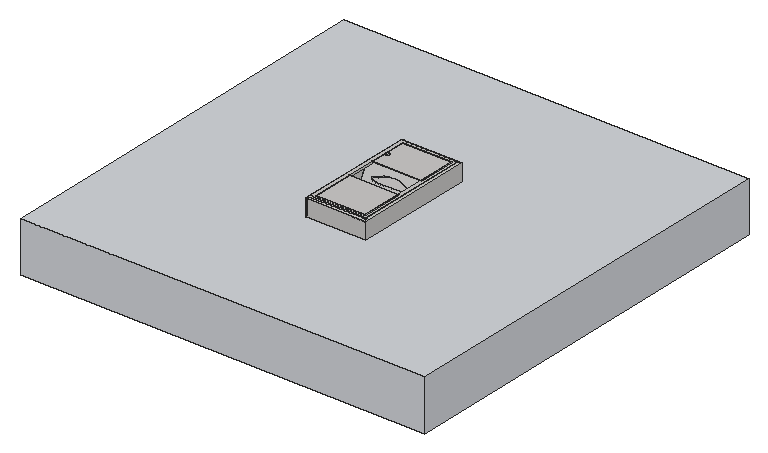
Revit family
Parameters (values of type "B-3699")
  URL = "http://www.bobrick.com"
  Type Comments = "Satin Finish"
  Model = "B-3699 ClassicSeries"
  Manufacturer = "Bobrick Washroom Equipment, Inc."
  Finish Material = Stainless Steel - Bobrick - Satin
  Description = "Surface-Mounted Paper Towel Dispenser And Waste Receptacle"
  Default Elevation = 4' - 0"
  Assembly Code = "C1030200"
  ADA Compliant = yes
Reference planes (in)
  plane 1 "Center (Front/Back)": y = -0.15625
  plane 2: z = 0
  plane 3 "Center (Left/Right)": x = 0
  plane 4 "Top": y = 14
  plane 5 "Bottom": y = -14.3125
  plane 6 "Left": x = -7.125
  plane 7 "Right": x = 7.125
  plane 8: x = 5.875
  plane 9: x = -5.875
  plane 10: y = -13.0625
  plane 11: y = 12.75
  plane 12: y = -3.0625
  plane 13: y = 3.6875
  plane 14: x = -5.3125
  plane 15: y = 7.5625
  plane 16: z = 3.875
  plane 17: y = 1.3125
  plane 18: z = 4.25
  plane 19 "Elevation": y = 2.5625
  plane 20: x = -6.6875
  plane 21: x = 6.6875
  plane 22: y = -13.875
  plane 23: y = 13.5625
  plane 24: z = 0.0625
  plane 25: z = 4.375
Forms (in)
  Extrusion 1, solid
    sketch origin (0, 0, 0) x (1, 0, 0) y (0, 1, 0)
      loop
        line (-48, 48) -> (-48, -48) -> (48, -48) -> (48, 48) -> (-48, 48)
    from 0 to -12
  Extrusion 2, solid, material "Stainless Steel - Bobrick - Satin" <- "Finish Material"
    sketch origin (0, 0, 0) x (1, 0, 0) y (0, 1, 0)
      loop
        line (-7.125, 14) -> (-7.125, -14.3125) -> (7.125, -14.3125) -> (7.125, 14) -> (-7.125, 14)
      loop
        line (-7.0625, 13.9375) -> (-7.0625, -14.25) -> (7.0625, -14.25) -> (7.0625, 13.9375) -> (-7.0625, 13.9375)
    from 0 to 3.875
  Extrusion 3, solid, material "Stainless Steel - Bobrick - Satin" <- "Finish Material"
    sketch origin (0, 0, 0) x (1, 0, 0) y (0, 1, 0)
      loop
        line (-7.125, 14) -> (-7.125, -14.3125) -> (7.125, -14.3125) -> (7.125, 14) -> (-7.125, 14)
    from 0 to 0.0625
  Sweep 4, solid, material "Stainless Steel - Bobrick - Satin" <- "Finish Material"
    path origin (0, 0, 0) x (1, 0, 0) y (0, 1, 0)
      loop
        line (-5.875, 12.75) -> (-5.875, -13.0625) -> (5.875, -13.0625) -> (5.875, 12.75) -> (-5.875, 12.75)
    profile origin (0, 12.75, 0) x (0, 1, 0) y (0, 0, 1)
      loop
        line (0, 3.875) -> (1.25, 3.875) -> (0.8691786, 4.2178931)
        arc (0.8691786, 4.2178931) -> (0.8303333, 4.2416976) -> (0.7855373, 4.25) r 0.125
        line (0.7855373, 4.25) -> (0, 4.25) -> (0, 3.875)
  Extrusion 5, solid, material "Stainless Steel - Bobrick - Satin" <- "Finish Material"
    sketch origin (0, 0, 0) x (1, 0, 0) y (0, 1, 0)
      loop
        line (-5.875, 12.75) -> (-5.875, 3.6875) -> (5.875, 3.6875) -> (5.875, 12.75) -> (-5.875, 12.75)
    from 3.875 to 4.25
  Extrusion 6, solid, material "Stainless Steel - Bobrick - Satin" <- "Finish Material"
    sketch origin (0, 0, 0) x (1, 0, 0) y (0, 1, 0)
      loop
        line (-5.875, -13.0625) -> (5.875, -13.0625) -> (5.875, -3.0625) -> (-5.875, -3.0625) -> (-5.875, -13.0625)
    from 3.875 to 4.25
  Extrusion 7, solid, material "Stainless Steel - Bobrick - Satin" <- "Finish Material"
    sketch origin (-7.125, 12.75, 0) x (0, 1, 0) y (0, 0, -1)
      loop
        line (-9.0625, -4.25) -> (-9.0625, -3.875) -> (-11.2248134, -0.0625) -> (-11.4375, -0.0625) -> (-9.0625, -4.25)
    from -13 to -1.25
  Extrusion 8, solid, material "Stainless Steel - Bobrick - Satin" <- "Finish Material", detail levels fine
    sketch origin (0, 0, 4.25) x (1, 0, 0) y (0, 1, 0)
      loop
        circle (-5.3125, 7.5625) r 0.375
    from 0 to 0.125
  Extrusion 9, solid, material "Stainless Steel - Bobrick - Satin" <- "Finish Material"
    sketch origin (-7.9793355, 12.75, 0) x (0, 1, 0) y (0, 0, -1)
      loop
        line (-11.4375, -0.0625) -> (-9.2751866, -3.875) -> (-9.0625, -3.875) -> (-11.2248134, -0.0625) -> (-11.4375, -0.0625)
    from -2.1043355 to -0.9168355
  Extrusion 10, solid, material "Stainless Steel - Bobrick - Satin" <- "Finish Material"
    sketch origin (2.0206645, 12.75, 0) x (0, 1, 0) y (0, 0, -1)
      loop
        line (-11.4375, -0.0625) -> (-9.2751866, -3.875) -> (-9.0625, -3.875) -> (-11.2248134, -0.0625) -> (-11.4375, -0.0625)
    from -5.0418355 to -3.8543355
  Extrusion 11, void
    sketch origin (-7.125, 3.6875, 4.25) x (0, 0.49334, 0.869837) y (1, 0, 0)
      loop
        spline (-3.375, 3.5625) -> (-3.3579629, 3.2389762) -> (-3.3080127, 2.9375) -> (-3.2285534, 2.6786165) -> (-3.125, 2.4799682) -> (-3.0044095, 2.3550927) -> (-2.875, 2.3125) -> (-2.7455905, 2.3550927) -> (-2.625, 2.4799682) -> (-2.5214466, 2.6786165) -> (-2.4419873, 2.9375) -> (-2.3920371, 3.2389762) -> (-2.375, 3.5625)
        arc (-2.375, 3.5625) -> (-1.375, 7.125) -> (-2.375, 10.6875) r 6.8457031
        spline (-2.375, 10.6875) -> (-2.3920371, 11.0110238) -> (-2.4419873, 11.3125) -> (-2.5214466, 11.5713835) -> (-2.625, 11.7700318) -> (-2.7455905, 11.8949073) -> (-2.875, 11.9375) -> (-3.0044095, 11.8949073) -> (-3.125, 11.7700318) -> (-3.2285534, 11.5713835) -> (-3.3080127, 11.3125) -> (-3.3579629, 11.0110238) -> (-3.375, 10.6875)
        line (-3.375, 10.6875) -> (-3.375, 3.5625)
    from 0 to 0.1850025
Cuts and joins
  Extrusion 11 cuts Extrusion 2
  Extrusion 11 cuts Extrusion 3
  Extrusion 11 cuts Extrusion 7
  Extrusion 11 cuts Extrusion 9
  Extrusion 11 cuts Extrusion 10
  joined: Extrusion 2, Extrusion 3, Extrusion 7, Extrusion 9, Extrusion 10
Lines and regions (in)
  Masking region 1
    outline origin (0, 0, 0.3125) x (1, 0, 0) y (0, 1, 0)
      loop
        line (-7.125, 14) -> (-7.125, -14.3125) -> (7.125, -14.3125) -> (7.125, 14) -> (-7.125, 14)
  Masking region 2
    outline origin (7.0583023, -14.3125, 0) x (-1, 0, 0) y (0, 0, -1)
      loop
        line (14.1833023, -3.875) -> (14.1833023, 0) -> (-0.0666977, 0) -> (-0.0666977, -3.875) -> (0.3154267, -4.2190663)
        spline (0.3154267, -4.2190663) -> (0.3214687, -4.2239036) -> (0.3276679, -4.228353) -> (0.3340119, -4.2324055) -> (0.3404882, -4.2360532) -> (0.3470841, -4.2392889) -> (0.3537865, -4.2421063) -> (0.3605821, -4.2444996) -> (0.3674576, -4.2464643) -> (0.3743994, -4.2479964) -> (0.3813937, -4.249093) -> (0.3884268, -4.2497518) -> (0.3954848, -4.2499715)
        line (0.3954848, -4.2499715) -> (13.7188396, -4.25)
        arc (13.7188396, -4.25) -> (13.7636356, -4.2416976) -> (13.8024809, -4.2178931) r 0.125
        line (13.8024809, -4.2178931) -> (14.1833023, -3.875)
  Masking region 3, detail levels fine
    outline origin (-7.125, -14.3125, 0) x (0, 0, -1) y (1, 0, 0)
      loop
        line (-4.375, 1.4375) -> (-4.25, 1.4375) -> (-4.25, 2.1875) -> (-4.375, 2.1875) -> (-4.375, 1.4375)
  Masking region 4
    outline origin (-7.125, 12.75, 0) x (0, 1, 0) y (0, 0, -1)
      loop
        line (1.25, -3.875) -> (1.25, 0) -> (-27.0625, 0) -> (-27.0625, -3.875) -> (-26.6816786, -4.2178931)
        arc (-26.6816786, -4.2178931) -> (-26.6428333, -4.2416976) -> (-26.5980373, -4.25) r 0.125
        line (-26.5980373, -4.25) -> (0.7855373, -4.25)
        spline (0.7855373, -4.25) -> (0.7926969, -4.2498608) -> (0.7998562, -4.2493046) -> (0.807002, -4.2482813) -> (0.8141192, -4.2467929) -> (0.8211928, -4.2448427) -> (0.828208, -4.2424347) -> (0.8351499, -4.2395739) -> (0.842004, -4.2362665) -> (0.8487558, -4.2325194) -> (0.8553912, -4.2283404) -> (0.8618961, -4.2237384) -> (0.8682568, -4.2187231)
        line (0.8682568, -4.2187231) -> (1.25, -3.875)
  Masking region 5, detail levels fine
    outline origin (-7.125, 14, 0) x (0, -1, 0) y (0, 0, 1)
      loop
        line (6.0625, 4.375) -> (6.0625, 4.25) -> (6.8125, 4.25) -> (6.8125, 4.375) -> (6.0625, 4.375)
  symbolic lines, style "Restroom Accessories"
    curve 1: line (-5.875, 12.75, 0.3125) -> (5.875, 12.75, 0.3125)
    curve 2: line (-5.875, -13.0625, 0.3125) -> (-5.875, 12.75, 0.3125)
    curve 3: line (5.875, 3.6875, 0.3125) -> (-5.875, 3.6875, 0.3125)
    curve 4: line (5.875, 12.75, 0.3125) -> (5.875, -13.0625, 0.3125)
    curve 5: line (-5.875, -13.0625, 0.3125) -> (5.875, -13.0625, 0.3125)
    curve 6: line (-5.875, -3.0625, 0.3125) -> (5.875, -3.0625, 0.3125)
  symbolic lines, style "Restroom Accessories", detail levels medium+fine
    curve 7: line (-5.875, 1.3125, 0.3125) -> (5.875, 1.3125, 0.3125)
    curve 15: line (7.125, -14.3125, 3.875) -> (-7.125, -14.3125, 3.875)
    curve 16: line (-7.125, -14.3125, 3.875) -> (-7.125, 14, 3.875)
  symbolic lines, style "Restroom Accessories", detail levels fine
    curve 8: arc (-4.9375, 7.5625, 4.375) -> (-5.3125, 7.9375, 4.375) -> (-5.6875, 7.5625, 4.375) r 0.375
    curve 9: arc (-5.6875, 7.5625, 4.375) -> (-5.3125, 7.1875, 4.375) -> (-4.9375, 7.5625, 4.375) r 0.375
    curve 10: spline (-5.3125, 7.3125, 4.375) -> (-5.300104, 7.3210185, 4.375) -> (-5.2885527, 7.3459936, 4.375) -> (-5.2786334, 7.3857233, 4.375) -> (-5.2710221, 7.4375, 4.375) -> (-5.2662374, 7.4977952, 4.375) -> (-5.2646054, 7.5625, 4.375) -> (-5.2662374, 7.6272048, 4.375) -> (-5.2710221, 7.6875, 4.375) -> (-5.2786334, 7.7392767, 4.375) -> (-5.2885527, 7.7790064, 4.375) -> (-5.300104, 7.8039815, 4.375) -> (-5.3125, 7.8125, 4.375) -> (-5.324896, 7.8039815, 4.375) -> (-5.3364473, 7.7790064, 4.375) -> (-5.3463666, 7.7392767, 4.375) -> (-5.3539779, 7.6875, 4.375) -> (-5.3587626, 7.6272048, 4.375) -> (-5.3603946, 7.5625, 4.375) -> (-5.3587626, 7.4977952, 4.375) -> (-5.3539779, 7.4375, 4.375) -> (-5.3463666, 7.3857233, 4.375) -> (-5.3364473, 7.3459936, 4.375) -> (-5.324896, 7.3210185, 4.375) -> (-5.3125, 7.3125, 4.375)
    curve 11: spline (-3.5625, 2.5158172, 4.375) -> (-3.0151839, 2.6639257, 4.375) -> (-2.4427957, 2.7868219, 4.375) -> (-1.850095, 2.8834841, 4.375) -> (-1.2420102, 2.9531084, 4.375) -> (-0.6235978, 2.9951159, 4.375) -> (0, 3.0091574, 4.375) -> (0.6235978, 2.9951159, 4.375) -> (1.2420102, 2.9531084, 4.375) -> (1.850095, 2.8834841, 4.375) -> (2.4427957, 2.7868219, 4.375) -> (3.0151839, 2.6639257, 4.375) -> (3.5625, 2.5158172, 4.375)
    curve 12: spline (3.5625, 2.5158172, 4.375) -> (3.8860238, 2.5074122, 4.375) -> (4.1875, 2.4827697, 4.375) -> (4.4463835, 2.4435693, 4.375) -> (4.6450318, 2.3924822, 4.375) -> (4.7699073, 2.3329901, 4.375) -> (4.8125, 2.2691472, 4.375) -> (4.7699073, 2.2053043, 4.375) -> (4.6450318, 2.1458122, 4.375) -> (4.4463835, 2.0947251, 4.375) -> (4.1875, 2.0555247, 4.375) -> (3.8860238, 2.0308822, 4.375) -> (3.5625, 2.0224771, 4.375)
    curve 13: line (3.5625, 2.0224771, 4.375) -> (-3.5625, 2.0224771, 4.375)
    curve 14: spline (-3.5625, 2.0224771, 4.375) -> (-3.8860238, 2.0308822, 4.375) -> (-4.1875, 2.0555247, 4.375) -> (-4.4463835, 2.0947251, 4.375) -> (-4.6450318, 2.1458122, 4.375) -> (-4.7699073, 2.2053043, 4.375) -> (-4.8125, 2.2691472, 4.375) -> (-4.7699073, 2.3329901, 4.375) -> (-4.6450318, 2.3924822, 4.375) -> (-4.4463835, 2.4435693, 4.375) -> (-4.1875, 2.4827697, 4.375) -> (-3.8860238, 2.5074122, 4.375) -> (-3.5625, 2.5158172, 4.375)
Dimensions and locks (in)
  equal spacing: plane 6 "Left", plane 3 "Center (Left/Right)", plane 7 "Right"
  locked: plane 6 "Left" to plane 7 "Right" at 14.25
  equal spacing: plane 4 "Top", plane 1 "Center (Front/Back)", plane 5 "Bottom"
  locked: plane 4 "Top" to plane 5 "Bottom" at 28.3125
  locked: plane 8 to plane 7 "Right" at 1.25
  locked: plane 6 "Left" to plane 9 at 1.25
  locked: plane 5 "Bottom" to plane 10 at 1.25
  locked: plane 11 to plane 4 "Top" at 1.25
  locked: plane 10 to plane 12 at 10
  locked: plane 13 to plane 11 at 9.0625
  locked: plane 6 "Left" to plane 14 at 1.8125
  locked: plane 4 "Top" to plane 15 at 6.4375
  locked: plane 17 to plane 13 at 2.375
  locked: plane 17 to plane 19 "Elevation" at 1.25
  locked: plane 18 to level at 4.25
  locked: plane 18 to plane 16 at 0.375
  locked: plane 6 "Left" to plane 20 at 0.4375
  locked: plane 21 to plane 7 "Right" at 0.4375
  locked: plane 5 "Bottom" to plane 22 at 0.4375
  locked: plane 4 "Top" to plane 23 at 0.4375
  locked: Extrusion 2 sketch curve to Extrusion 2 sketch curve at 0.0625  (x4)
  locked: plane 24 to level at 0.0625
  locked: plane 25 to plane 18 at 0.125
  locked: Extrusion 7 sketch curve to plane 17 at 0.2126866
  locked: Extrusion 11 sketch curve to plane 1 "Center (Front/Back)" at 0.2118525
  locked: Extrusion 11 sketch curve to plane 19 "Elevation" at 0.2933528  (x2)
  Extrusion 11 sketch curve to plane 3 "Center (Left/Right)" to Extrusion 11 sketch curve = 0' - 3 9/16" locked, 0' - 3 9/16" locked
  locked: plane 1 "Center (Front/Back)" to Extrusion 11 sketch curve at 2.1787271
  aligned and locked: Extrusion 1 to plane 2
  aligned and locked: level to Extrusion 1
  aligned and locked: Extrusion 2 sketch curve to Masking region 1  (x4)
  aligned and locked: Extrusion 2 to level
  aligned and locked: plane 16 to Extrusion 2
  aligned and locked: Extrusion 3 sketch curve to Masking region 1  (x4)
  aligned and locked: Extrusion 3 to level
  aligned and locked: plane 24 to Extrusion 3
  aligned and locked: Sweep 4 sketch curve to curve 1
  aligned and locked: Sweep 4 sketch curve to curve 2
  aligned and locked: Sweep 4 sketch curve to curve 5
  aligned and locked: Sweep 4 sketch curve to curve 4
  aligned and locked: Sweep 4 sketch curve to profile plane
  aligned and locked: Sweep 4 sketch curve to plane 18
  aligned and locked: Sweep 4 sketch curve to plane 16
  aligned and locked: Extrusion 5 sketch curve to curve 1
  aligned and locked: curve 2 to Extrusion 5 sketch curve
  aligned and locked: Extrusion 5 sketch curve to curve 3
  aligned and locked: plane 8 to Extrusion 5 sketch curve
  aligned and locked: Extrusion 5 to plane 16
  aligned and locked: plane 18 to Extrusion 5
  aligned and locked: Extrusion 6 sketch curve to curve 5
  aligned and locked: Extrusion 6 sketch curve to curve 2
  aligned and locked: Extrusion 6 sketch curve to curve 6
  aligned and locked: Extrusion 6 sketch curve to plane 8
  aligned and locked: Extrusion 6 to plane 16
  aligned and locked: plane 18 to Extrusion 6
  aligned and locked: plane 17 to Extrusion 7 sketch curve
  aligned and locked: Extrusion 7 to plane 8
  aligned and locked: plane 9 to Extrusion 7
  aligned and locked: Extrusion 8 to plane 18
  aligned and locked: plane 25 to Extrusion 8
  aligned and locked: Extrusion 9 to plane 9
  aligned and locked: Extrusion 9 to cut or joined group of Extrusion 2, Extrusion 3, Extrusion 7, Extrusion 9, Extrusion 10, Extrusion 11
  aligned and locked: Extrusion 10 to cut or joined group of Extrusion 2, Extrusion 3, Extrusion 7, Extrusion 9, Extrusion 10, Extrusion 11
  aligned and locked: plane 8 to Extrusion 10
  aligned and locked: curve 8 to Extrusion 8
  aligned and locked: curve 9 to Extrusion 8
  aligned and locked: Extrusion 7 to Extrusion 11  (x2)
  aligned and locked: Masking region 2 sketch curve to Sweep 4  (x2)
  aligned and locked: curve 15 to Sweep 4
  aligned and locked: Masking region 3 sketch curve to Extrusion 8  (x4)
  aligned and locked: Masking region 4 sketch curve to Sweep 4  (x3)
  aligned and locked: curve 16 to Sweep 4
  aligned and locked: Masking region 5 sketch curve to Extrusion 8  (x2)
  aligned and locked: plane 18 to Extrusion 7 sketch curve
  aligned and locked: plane 16 to Extrusion 7 sketch curve
  aligned and locked: Extrusion 7 sketch curve to plane 24
  aligned and locked: plane 3 "Center (Left/Right)" to Extrusion 11 sketch curve
  aligned and locked: Extrusion 9 sketch curve to cut or joined group of Extrusion 2, Extrusion 3, Extrusion 7, Extrusion 9, Extrusion 10, Extrusion 11  (x2)
  aligned and locked: Extrusion 9 sketch curve to plane 16
  aligned and locked: Extrusion 9 sketch curve to plane 24
  aligned and locked: Extrusion 10 sketch curve to plane 16
  aligned and locked: Extrusion 10 sketch curve to cut or joined group of Extrusion 2, Extrusion 3, Extrusion 7, Extrusion 9, Extrusion 10, Extrusion 11  (x2)
  aligned and locked: Extrusion 10 sketch curve to plane 24
  aligned and locked: plane 15 to Extrusion 8 sketch curve
  aligned and locked: plane 14 to Extrusion 8 sketch curve
Automatic sketch dimensions
  Extrusion 1 sketch curve to Extrusion 1 sketch curve = 8' - 0"  (x2)
  curve 1 to plane 9 = 0' - 0"
  curve 3 to plane 8 = 0' - 0"
  plane 10 to curve 5 = 0' - 0"
  plane 12 to curve 6 = 0' - 0"
  plane 17 to curve 7 = 0' - 0"
  plane 13 to curve 3 = 0' - 0"
  plane 11 to curve 2 = 0' - 0"
  plane 5 "Bottom" to Masking region 1 sketch curve = 0' - 0"
  Masking region 1 sketch curve to plane 6 "Left" = 0' - 0"
  Masking region 1 sketch curve to plane 7 "Right" = 0' - 0"
  Masking region 1 sketch curve to plane 4 "Top" = 0' - 0"
  Sweep 4 sketch curve to profile plane = 0' - 0.78554"
  Sweep 4 sketch curve to Sweep 4 sketch curve = 0' - 0.08364"
  Sweep 4 sketch curve to Sweep 4 sketch curve = 0' - 0.38082"
  Sweep 4 sketch curve to Sweep 4 sketch curve = 0' - 0 1/8"
  curve 10 to curve 8 = 0' - 0"  (x2)
  curve 10 to curve 8 = 0' - 0 1/4"
  Extrusion 11 sketch curve to Extrusion 11 sketch curve = 0' - 0 1/2"
  Extrusion 11 sketch curve to Extrusion 11 sketch curve = 0' - 1 1/4"  (x2)
  Extrusion 11 sketch curve to Extrusion 11 sketch curve = 0' - 2 5/16"
  curve 14 to curve 14 = 0' - 1 1/4"
  curve 14 to curve 11 = 0' - 2 5/16"
  curve 11 to curve 12 = 0' - 2 5/16"
  curve 12 to curve 11 = 0' - 1 1/4"
  curve 13 to curve 11 = 0' - 3.2832"
  curve 14 to curve 11 = 0' - 0.24667"
  curve 11 to curve 13 = 0' - 2.39058"
  Masking region 2 sketch curve to Masking region 2 sketch curve = 0' - 0.07431"
  Masking region 2 sketch curve to Masking region 2 sketch curve = 0' - 0.00575"
  Masking region 2 sketch curve to Masking region 2 sketch curve = 0' - 0.0856"
  Masking region 2 sketch curve to Masking region 2 sketch curve = 1' - 1.32335"
  Masking region 2 sketch curve to Masking region 2 sketch curve = 0' - 0.08364"
  Masking region 4 sketch curve to Masking region 4 sketch curve = 0' - 0.03211"
  Masking region 4 sketch curve to Masking region 4 sketch curve = 0' - 0.08272"
  Masking region 4 sketch curve to Masking region 4 sketch curve = 0' - 0.03128"
  Masking region 4 sketch curve to Masking region 4 sketch curve = 0' - 0.00319"
  Masking region 4 sketch curve to Masking region 4 sketch curve = 0' - 0"
  Masking region 4 sketch curve to Masking region 4 sketch curve = 0' - 0.07483"
  curve 16 to Masking region 4 = 0' - 0"  (x2)
  Masking region 5 sketch curve to Masking region 4 = 0' - 6 1/16"
  Masking region 5 sketch curve to Masking region 5 sketch curve = 0' - 0 3/4"
  curve 11 to curve 9 = 0' - 5.04668"
  plane 8 to Extrusion 11 sketch curve = 0' - 2 5/16"
  Extrusion 11 sketch curve to Extrusion 11 sketch curve = 0' - 4.8457"
  curve 15 to plane 6 "Left" = 0' - 0"
  plane 7 "Right" to curve 15 = 0' - 0"
  plane 7 "Right" to Masking region 2 sketch curve = 0' - 0"
  Masking region 2 sketch curve to level = 0' - 0"
  Masking region 2 sketch curve to plane 6 "Left" = 0' - 0"
  Masking region 2 sketch curve to plane 16 = 0' - 0"
  Masking region 2 sketch curve to plane 18 = 0' - 0.03093"
  Masking region 2 sketch curve to plane 18 = 0' - 0.00003"
  Masking region 4 sketch curve to plane 5 "Bottom" = 0' - 0"
  Masking region 4 sketch curve to level = 0' - 0"
  Masking region 4 sketch curve to plane 4 "Top" = 0' - 0"
  Masking region 4 sketch curve to plane 18 = 0' - 0.00005"
  Extrusion 7 sketch curve to plane 13 = 0' - 0"
  curve 10 to curve 14 = 0' - 1 3/4"
  radius of Extrusion 8 sketch curve = 0' - 0 3/8"
